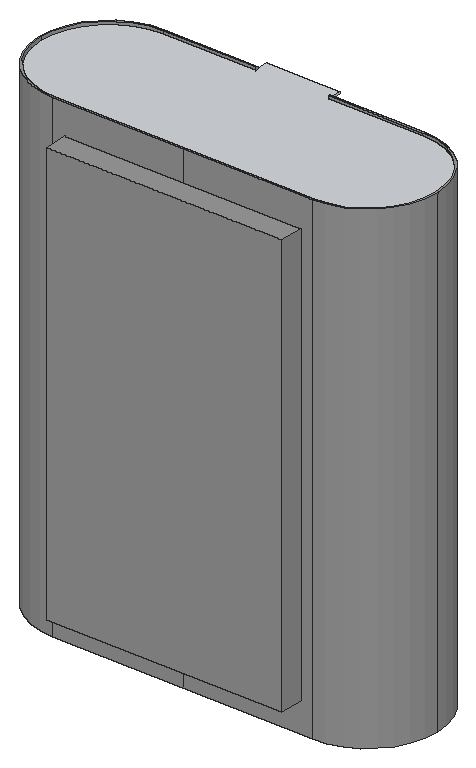
Revit family "3310 Björk_Sanitary bin", category Furniture Systems, host Wall, Revit 2017
Family settings
  Host = Wall
  Round Connector Dimension = Use Diameter
  Part Type = Normal
  Always vertical = Yes
  Cut with Voids When Loaded = No
  Shared = No
  Room Calculation Point = No
Parameters (values of type "BLACK")
  URL = "http://www.dandryer.com/"
  Surface Top = RAL FARVE
  Surface Frame = RAL FARVE
  Surface Bottom = RAL FARVE
  Open = no
  Offset from floor = 150 mm
  Manufacturer = "Dan Dryer A/S"
  Description = "Sanitary bin"
  Closed = yes
Reference planes
  plane 1 "Wall": y = 0
  plane 2 "Center (Left/Right)": x = 125
  plane 3 "Back": y = 75
Text (mm)
  text "Placement Side" at (-1848.837, 1116.779, 0), in view "Ref. Level"
  text "Placement side" at (0, 1409.804, 2854.306), in view "Left"
  text "Placement side" at (0, 499.811, 2980.732), in view "Right"
Dimensions and locks
  locked: plane 3 "Back" to host wall
  "Offset from floor": nested 1 to level
  aligned and locked: plane 1 "Wall" to host wall
  aligned and locked: plane 3 "Back" to nested 1
Nested families
  nested 1: "Master Björk Sanitary bin" at (125, 151.5, 150) x (-1, 0, 0) z (0, 0, 1), type "Master Björk Sanitary bin"
    with Open no
Definition of nested family "Master Björk Sanitary bin"
  Parameters (values of type "Master Björk Sanitary bin")
    Surface Top = none
    Surface Frame = none
    Surface Bottom = none
    Open = yes
    Closed = yes
  Reference planes
    plane 1 "Center (Front/Back)": y = 0
    plane 2: z = 0
    plane 3 "Center (Left/Right)": x = 0
  Dimensions and locks
    aligned and locked: level to plane 2
  Nested families
    nested 1: "Top - Bottom" at (0, 0, 0), visible <- "Closed", type "Top - Bottom"
    nested 2: "Frame" at (0, 0, 0), type "Frame"
    nested 3: "Top - Bottom Open" at (0, 0, 0), visible <- "Open", type "Top - Bottom Open"
  Definition of nested family "Top - Bottom"
    Parameters (values of type "Top - Bottom")
      Surface Frame = none
      Surface Bottom = none
    Reference planes
      plane 1 "Center (Front/Back)": y = 0
      plane 2: z = 0
      plane 3 "Center (Left/Right)": x = 0
    Forms (mm)
      Extrusion 1, solid, material <- "Surface Bottom"
        sketch origin (0, 129.723, 20) x (0, -1, 0) y (1, 0, 0)
          loop
            arc (73.723, -107.5) -> (90.125, -147.098) -> (129.723, -163.5) r 56
            arc (129.723, -163.5) -> (169.321, -147.098) -> (185.723, -107.5) r 56
            line (185.723, -107.5) -> (185.723, 107.5)
            arc (185.723, 107.5) -> (169.321, 147.098) -> (129.723, 163.5) r 56
            arc (129.723, 163.5) -> (90.125, 147.098) -> (73.723, 107.5) r 56
            line (73.723, 107.5) -> (73.723, -107.5)
        from 0 to 1.5
      Extrusion 2, solid
        sketch origin (0, 129.723, 396.5) x (0, -1, 0) y (1, 0, 0)
          loop
            arc (73.723, -107.5) -> (90.125, -147.098) -> (129.723, -163.5) r 56
            arc (129.723, -163.5) -> (169.321, -147.098) -> (185.723, -107.5) r 56
            line (185.723, -107.5) -> (185.723, -30) -> (197.223, -30) -> (197.223, 0) -> (197.223, 30) -> (185.723, 30) -> (185.723, 107.5)
            arc (185.723, 107.5) -> (169.321, 147.098) -> (129.723, 163.5) r 56
            arc (129.723, 163.5) -> (90.125, 147.098) -> (73.723, 107.5) r 56
            line (73.723, 107.5) -> (73.723, -107.5)
        from 0 to 1.5
    Lines and regions (mm)
      reference lines
        curve 1: line (0, 129.723, 396.5) -> (0, -190.277, 396.5)
        curve 2: line (0, 129.723, 20) -> (0, -150.277, 20)
    Dimensions and locks
      aligned and locked: level to plane 2
  Definition of nested family "Frame"
    Parameters (values of type "Frame")
      Surface Top = none
      Surface Frame = none
      Surface Bottom = none
    Reference planes
      plane 1 "Center (Front/Back)": y = 0
      plane 2: z = 0
      plane 3 "Center (Left/Right)": x = 0
    Forms (mm)
      Extrusion 1, solid, material <- "Surface Frame"
        sketch origin (0, 0, 0) x (1, 0, 0) y (0, 1, 0)
          loop
            line (0, 57.5) -> (-107.5, 57.5)
            arc (-107.5, 57.5) -> (-148.159, 40.659) -> (-165, 0) r 57.5
            arc (-165, 0) -> (-148.159, -40.659) -> (-107.5, -57.5) r 57.5
            line (-107.5, -57.5) -> (0, -57.5) -> (107.5, -57.5)
            arc (107.5, -57.5) -> (148.159, -40.659) -> (165, 0) r 57.5
            arc (165, 0) -> (148.159, 40.659) -> (107.5, 57.5) r 57.5
            line (107.5, 57.5) -> (0, 57.5)
          loop
            arc (-107.5, 56) -> (-147.098, 39.598) -> (-163.5, 0) r 56
            arc (-163.5, 0) -> (-147.098, -39.598) -> (-107.5, -56) r 56
            line (-107.5, -56) -> (107.5, -56)
            arc (107.5, -56) -> (147.098, -39.598) -> (163.5, 0) r 56
            arc (163.5, 0) -> (147.098, 39.598) -> (107.5, 56) r 56
            line (107.5, 56) -> (-107.5, 56)
        from 0 to 400
      Extrusion 2, solid, material <- "Surface Frame"
        sketch origin (0, 57.5, 0) x (-1, 0, 0) y (0, 0, 1)
          loop
            line (-97.5, 375) -> (-97.5, 25) -> (97.5, 25) -> (97.5, 375) -> (-97.5, 375)
        from 0 to 19
      Extrusion 3, void
        sketch origin (0, 0, 0) x (1, 0, 0) y (0, 1, 0)
          loop
            line (-30, -53.768) -> (-30, -68.768) -> (30, -68.768) -> (30, -53.768) -> (-30, -53.768)
        from 396.5 to 403.782
    Cuts and joins
      Extrusion 3 cuts Extrusion 1
    Dimensions and locks
      cut or joined group of Extrusion 1, Extrusion 3 to cut or joined group of Extrusion 1, Extrusion 3 = 3.5 mm
      aligned and locked: level to plane 2
  Definition of nested family "Top - Bottom Open"
    Parameters (values of type "Top - Bottom Open")
      Surface Frame = none
      Surface Bottom = none
    Reference planes
      plane 1 "Center (Front/Back)": y = 0
      plane 2: z = 0
      plane 3 "Center (Left/Right)": x = 0
    Forms (mm)
      Extrusion 1, solid, material <- "Surface Bottom"
        sketch origin (0, 129.723, 20) x (0, -1, 0) y (1, 0, 0)
          loop
            arc (73.723, -107.5) -> (90.125, -147.098) -> (129.723, -163.5) r 56
            arc (129.723, -163.5) -> (169.321, -147.098) -> (185.723, -107.5) r 56
            line (185.723, -107.5) -> (185.723, 107.5)
            arc (185.723, 107.5) -> (169.321, 147.098) -> (129.723, 163.5) r 56
            arc (129.723, 163.5) -> (90.125, 147.098) -> (73.723, 107.5) r 56
            line (73.723, 107.5) -> (73.723, -107.5)
        from 0 to 1.5
      Extrusion 2, solid
        sketch origin (0, 54.5, 324.277) x (0, 0, 1) y (1, 0, 0)
          loop
            arc (73.723, -107.5) -> (90.125, -147.098) -> (129.723, -163.5) r 56
            arc (129.723, -163.5) -> (169.321, -147.098) -> (185.723, -107.5) r 56
            line (185.723, -107.5) -> (185.723, -30) -> (197.223, -30) -> (197.223, 0) -> (197.223, 30) -> (185.723, 30) -> (185.723, 107.5)
            arc (185.723, 107.5) -> (169.321, 147.098) -> (129.723, 163.5) r 56
            arc (129.723, 163.5) -> (90.125, 147.098) -> (73.723, 107.5) r 56
            line (73.723, 107.5) -> (73.723, -107.5)
        from 0 to 1.5
    Lines and regions (mm)
      reference lines
        curve 1: line (0, 129.723, 396.5) -> (0, -190.277, 396.5)
        curve 2: line (0, 129.723, 20) -> (0, -150.277, 20)
    Dimensions and locks
      aligned and locked: level to plane 2
